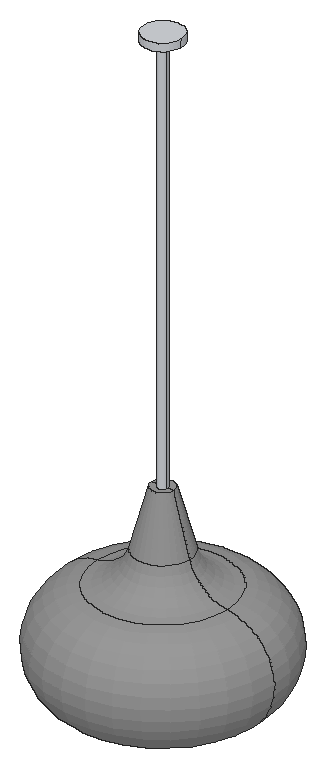
Revit family "P4_Pendent Light", category Lighting Fixtures, Revit 2013
Parameters
  Wattage = 9.2903 W
  built-in parameter 1150110 = 1 (stored number, unit not read)
  built-in parameter 1114217 = 1 (stored number, unit not read)
  Tilt Angle = 90.00°
  built-in parameter 1150109 = 1 (stored number, unit not read)
  built-in parameter 1150134 = 3
  built-in parameter 1150113 = 1 (stored number, unit not read)
  built-in parameter 1010507 = 1.0472 (stored number, unit not read)
  built-in parameter 1010506 = 0.5236 (stored number, unit not read)
  Soffit/Ceiling Level [instance] = 3000 mm
  built-in parameter 1150105 = 4847.6 (stored number, unit not read)
  Lumens = 1380 lm
  built-in parameter 1150115 = 1 (stored number, unit not read)
  Lt = Whitecroft Lighting_Polycarbonate
  Load Classification = Ltg
  Light Type [instance] = "P2"
  Light Source Symbol Length = 2400 mm
  built-in parameter 1150137 = (empty or 0)
  built-in parameter 1150139 = (empty or 0)
  built-in parameter 1150112 = 1 (stored number, unit not read)
  built-in parameter 1150114 = 1 (stored number, unit not read)
  Lamp = "1x35W"
  built-in parameter 1150132 = (empty or 0)
  built-in parameter 1150102 = (empty or 0)
  built-in parameter 1150107 = 3200 (stored number, unit not read)
  built-in parameter 1150138 = (empty or 0)
  built-in parameter 1150106 = 48.476 (stored number, unit not read)
  Glass = Glass, Green
  built-in parameter 1150104 = 13.8 (stored number, unit not read)
  Dimming Lamp Color Temperature Shift = (empty or 0)
  Color Filter = 16777215
  Bottom of Light [instance] = 2200 mm
  built-in parameter 1114218 = 1 (stored number, unit not read)
  built-in parameter 1150133 = 10 (stored number, unit not read)
  Apparent Load = 35 VA
Reference planes
  plane 1 "Light Source Axis (F/B)": y = 0
  plane 2: z = 0
  plane 3 "Light Source Axis (L/R)": x = 0
  plane 4 "Light Source Elevation": z = 2200
  plane 5: z = 3000
  plane 6: z = 2200
  plane 7: z = 2450
  plane 8: z = 2990
  plane 9: z = 2500
  plane 10: y = -80
  plane 11: y = -100
  plane 12: y = -12.5
  plane 13: y = 12.5
  plane 14: y = -125
  plane 15: y = 125
  plane 16: y = 80
  plane 17: y = -50
  plane 18: y = 50
  plane 19: z = 2390
  plane 20: x = -50
  plane 21: x = -120
  plane 22: z = 2325
  plane 23: x = -150
Forms (mm)
  Extrusion 1, solid
    sketch origin (500, 0, 0) x (1, 0, 0) y (0, 1, 0)
      loop
        circle (-500, 0) r 6
    from 2450 to 2990
  Extrusion 2, solid
    sketch origin (-500, 0, 2990) x (1, 0, 0) y (0, 1, 0)
      loop
        circle (500, 0) r 25
    from 0 to 10
  Revolve 3, solid, material "Whitecroft Lighting_Polycarbonate" <- "Lt"
    sketch origin (0, -0.199, 2274.677) x (0, 1, 0) y (0, 0, -1)
      loop
        line (-20, -47.749) -> (-20, -109.968) -> (-14.645, -115.323) -> (0, -115.323) -> (0, 34.677)
        arc (0, 34.677) -> (-37.645, 8.201) -> (-25.455, -36.179) r 40
        arc (-25.455, -36.179) -> (-21.432, -41.353) -> (-20, -47.749) r 15
      axis (0, 34.677) -> (0, -115.323)
    angle from 0 to 360
  Revolve 4, solid, material "Glass, Green" <- "Glass"
    sketch origin (0, 0, 0) x (1, 0, 0) y (0, 0, 1)
      loop
        line (-120, 2200) -> (-117.842, 2202.158)
        arc (-117.842, 2202.158) -> (-146.028, 2275.691) -> (-86.89, 2327.694) r 68.953
        arc (-86.89, 2327.694) -> (-53.169, 2342.334) -> (-33.36, 2373.302) r 63
        line (-33.36, 2373.302) -> (-12.725, 2447) -> (0, 2447) -> (0, 2450) -> (-15, 2450) -> (-36.249, 2374.111)
        arc (-36.249, 2374.111) -> (-55.115, 2344.617) -> (-87.23, 2330.675) r 60
        arc (-87.23, 2330.675) -> (-148.872, 2276.687) -> (-120, 2200) r 71.953
      axis (0, 2450) -> (0, 2200)
    angle from 0 to 360
Dimensions and locks
  "Soffit/Ceiling Level": plane 5 to level
  "Bottom of Light": plane 6 to level
  locked: plane 5 to plane 8 at 10
  plane 17 to plane 1 "Light Source Axis (F/B)" = 50 mm
  plane 1 "Light Source Axis (F/B)" to plane 18 = 50 mm
  plane 7 to plane 19 to plane 6 = 60 mm locked, 190 mm locked
  locked: plane 22 to imposter light at 125
  locked: plane 19 to plane 22 at 65
  plane 7 to plane 19 = 60 mm
  plane 3 "Light Source Axis (L/R)" to plane 20 = 50 mm
  plane 3 "Light Source Axis (L/R)" to plane 21 = 120 mm
  plane 3 "Light Source Axis (L/R)" to plane 23 = 150 mm
  aligned and locked: plane 3 "Light Source Axis (L/R)" to imposter light
  aligned and locked: plane 1 "Light Source Axis (F/B)" to imposter light
  aligned and locked: plane 4 "Light Source Elevation" to imposter light
  aligned and locked: plane 2 to level
  aligned and locked: plane 4 "Light Source Elevation" to plane 6
  aligned and locked: plane 5 to Extrusion 2
  aligned and locked: Extrusion 2 to plane 8
  aligned and locked: plane 8 to Extrusion 1
  aligned and locked: Extrusion 1 to plane 7
  aligned and locked: Revolve 3 sketch curve to plane 19
Automatic sketch dimensions
  plane 1 "Light Source Axis (F/B)" to Extrusion 1 sketch curve = 0 mm
  plane 1 "Light Source Axis (F/B)" to Extrusion 2 sketch curve = 0 mm
  Revolve 3 sketch curve to plane 12 = 7.699 mm
  plane 19 to Revolve 3 sketch curve = 5.355 mm
  Revolve 3 sketch curve to plane 12 = 2.344 mm
  Revolve 3 sketch curve to plane 1 "Light Source Axis (F/B)" = 0.199 mm  (x2)
  Revolve 3 sketch curve to plane 17 = 14.801 mm
  Revolve 3 sketch curve to Revolve 3 sketch curve = 5.455 mm
  Revolve 3 sketch curve to Revolve 3 sketch curve = 0 mm
  Revolve 3 sketch curve to Revolve 3 sketch curve = 62.218 mm
  plane 7 to Revolve 3 sketch curve = 10 mm
  plane 4 "Light Source Elevation" to Revolve 3 sketch curve = 10 mm
  Extrusion 1 sketch curve to plane 3 "Light Source Axis (L/R)" = 0 mm
  Extrusion 2 sketch curve to plane 3 "Light Source Axis (L/R)" = 0 mm
  Revolve 4 sketch curve to Revolve 4 sketch curve = 0 mm  (x6)
  Revolve 4 sketch curve to plane 4 "Light Source Elevation" = 0 mm
  Revolve 4 sketch curve to plane 21 = 0 mm
  Revolve 4 sketch curve to plane 7 = 0 mm
  Revolve 4 sketch curve to plane 3 "Light Source Axis (L/R)" = 0 mm  (x2)
  Revolve 4 sketch curve to plane 4 "Light Source Elevation" = 2.158 mm
  plane 21 to Revolve 4 sketch curve = 2.158 mm
  plane 20 to Revolve 4 sketch curve = 13.751 mm
  Revolve 4 sketch curve to Revolve 4 sketch curve = 2.889 mm
  Revolve 4 sketch curve to plane 3 "Light Source Axis (L/R)" = 15 mm
  Revolve 4 sketch curve to Revolve 4 sketch curve = 2.275 mm
  plane 19 to Revolve 4 sketch curve = 0.289 mm
  plane 21 to Revolve 4 sketch curve = 25.973 mm
  plane 22 to Revolve 4 sketch curve = 5.675 mm
  Revolve 4 sketch curve to Revolve 4 sketch curve = 6.797 mm
  Revolve 4 sketch curve to plane 7 = 3 mm
  Revolve 4 sketch curve to plane 4 "Light Source Elevation" = 15 mm
  plane 19 to Revolve 4 sketch curve = 20 mm
  radius of Extrusion 1 sketch curve = 6 mm
  radius of Extrusion 2 sketch curve = 25 mm
Nested families
  nested 1: "EL_P4" at (0, 0, 0), type "EL_P4"
Connectors
  electrical at (0, 0, 3000), driven by "Load Classification"
    settings: on Extrusion 2, index 1, voltage 230 V, apparent load 0 VA, apparent load phase1 35 VA, apparent load phase2 0 VA, apparent load phase3 0 VA, power factor 0.9, load classification "Ltg", number of poles 1, system type 31, power factor state 1, is connector primary yes, connector utility no, sub classification motor no, connector description ""
Definition of nested family "EL_P4"
  Reference planes
    plane 1: y = 0
    plane 2: x = 0
  Lines and regions (mm)
    Filled region 1, type "Filled region 1"
      outline origin (0, 0, 0) x (1, 0, 0) y (0, 1, 0)
        loop
          circle (0, 0) r 2
        loop
          circle (0, 0) r 1.75
    detail lines, style "Lighting Symbols"
      curve 1: line (-2.5, 0, 0) -> (2.5, 0, 0)
      curve 2: line (0, 2.5, 0) -> (0, -2.5, 0)
      curve 3: circle (0, 0, 0) r 2.5 normal (0, 0, 1)
